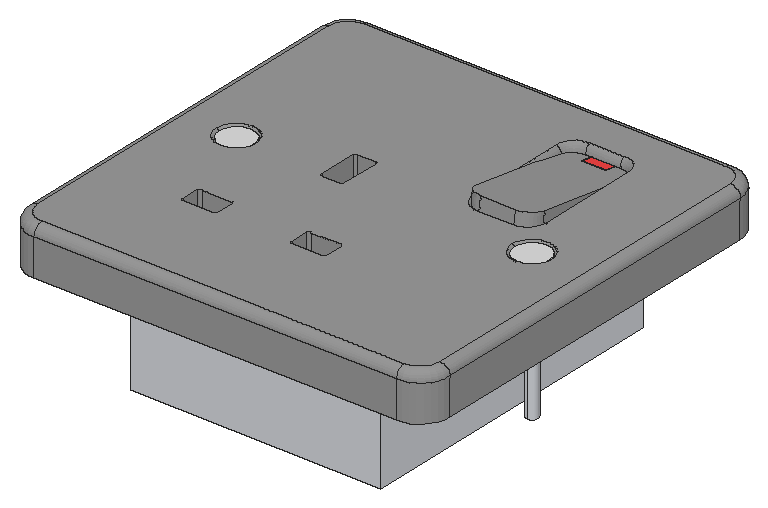
Revit family "ElectricalFixture_WiringAccessories_Hager_Sollysta_SwitchedSockets1Gang", category Electrical Fixtures, host Face, Revit 2015
Parameters (values of type "WMSS81 N")
  Warranty ID = ""
  Voltage (Volts) = "230V/240V"
  Unique Reference = "WMSS81N"
  Type = "ElectricalFixture"
  Technical Description = Description  # "1GangDoublePoleSwitchedSocketWithLEDIndicator"
  Switch = no
  Supply Phase = "1"
  Size = ""
  Shipping Weight kg = "0.188"
  Shape = "Rectangular"
  Reference Standard = "BS 1363-2"
  Product URL = "http://www.hager.co.uk/product-catalogue/wiring-accessories/sollysta/white-moulded/white-moulded-sockets/58428.htm"
  Product Range = "Sollysta"
  Product Model Number = "WMSS81N"
  Product Literature = "http://www.hager.co.uk/product-catalogue/wiring-accessories/sollysta/38662.htm"
  Product Group = "WiringAccessories"
  Product Family = "WhiteMouldedSockets_SwitchedSockets"
  Packaging Recyclable = yes
  Overall Width = 0.0 mm
  Overall Length = 86.0 mm
  Overall Height = 86.0 mm
  Overall Depth = 26.07 mm
  Operation and Maintenance Manual = ""
  Name = "WhiteMouldedSocket_WMSS81N"
  Measurement Units = "mm"
  Material = Urea Formaldehyde Thermoset Plastic
  Manufacturer Website = "http://www.hager.co.uk/"
  Manufacturer Country = "United Kingdom"
  Manufacturer = "Hager"
  LED Indicator Switch = yes
  Gross Weight kg = "0.165"
  Frequency = "50/60Hz"
  Finish = "Gloss"
  Features = Description  # "1GangDoublePoleSwitchedSocketWithLEDIndicator"
  Extrusion From Wall = 11.921 mm
  Expected Life = "25 years"
  EAN Code = "5015654745448"
  Design Country = "China"
  Description = "1GangDoublePoleSwitchedSocketWithLEDIndicator"
  Default Elevation = 1219.2 mm
  Colour = "SollystaWhite"
  CE Approval = yes
Types (2, lengths in mm): name | Unique Reference | Technical Description | Switch | Product Model Number | Name | LED Indicator Switch | Features | EAN Code | Description
  WMSS81 | "WMSS81" | "1GangDoublePoleSwitchedSocket" | yes | "WMSS81" | "WhiteMouldedSocket_WMSS81" | no | "1GangDoublePoleSwitchedSocket" | "5015652261100" | "1GangDoublePoleSwitchedSocket"
  WMSS81 N | "WMSS81N" | "1GangDoublePoleSwitchedSocketWithLEDIndicator" | no | "WMSS81N" | "WhiteMouldedSocket_WMSS81N" | yes | "1GangDoublePoleSwitchedSocketWithLEDIndicator" | "5015654745448" | "1GangDoublePoleSwitchedSocketWithLEDIndicator"
Reference planes
  plane 1 "Center (Front/Back)": y = 0
  plane 2: z = 0
  plane 3 "Center (Left/Right)": x = 0
  plane 4: y = -43
  plane 5: y = 43
  plane 6: x = -137
  plane 7: x = -51
  plane 8: z = 9.47
  plane 9: z = -16.6
  plane 10: z = 11.921
  plane 11: y = -471.393
  plane 12: z = -20.53
  plane 13: x = -124.15
  plane 14: x = -63.85
  plane 15: x = -94
Forms (mm)
  Extrusion 1, solid, material "Urea Formaldehyde Thermoset Plastic", detail levels fine
    sketch origin (0, 0, 0) x (1, 0, 0) y (0, 1, 0)
      loop
        arc (-137, -37.005) -> (-135.244, -41.244) -> (-131.005, -43) r 5.995
        line (-131.005, -43) -> (-57.017, -43)
        arc (-57.017, -43) -> (-52.762, -41.238) -> (-51, -36.983) r 6.017
        line (-51, -36.983) -> (-51, 37.035)
        arc (-51, 37.035) -> (-52.747, 41.253) -> (-56.965, 43) r 5.965
        line (-56.965, 43) -> (-131.018, 43)
        arc (-131.018, 43) -> (-135.248, 41.248) -> (-137, 37.018) r 5.982
        line (-137, 37.018) -> (-137, -37.005)
      loop
        line (-118.054, -17.616) -> (-118.054, -21.364)
        arc (-118.054, -21.364) -> (-117.908, -21.716) -> (-117.555, -21.862) r 0.499
        line (-117.555, -21.862) -> (-111.414, -21.862)
        arc (-111.414, -21.862) -> (-111.037, -21.706) -> (-110.882, -21.33) r 0.532
        line (-110.882, -21.33) -> (-110.882, -17.59)
        arc (-110.882, -17.59) -> (-111.032, -17.226) -> (-111.396, -17.075) r 0.515
        line (-111.396, -17.075) -> (-117.513, -17.075)
        arc (-117.513, -17.075) -> (-117.895, -17.233) -> (-118.054, -17.616) r 0.542
      loop
        line (-95.836, -17.616) -> (-95.836, -21.364)
        arc (-95.836, -21.364) -> (-95.69, -21.716) -> (-95.338, -21.862) r 0.499
        line (-95.338, -21.862) -> (-89.196, -21.862)
        arc (-89.196, -21.862) -> (-88.82, -21.706) -> (-88.664, -21.33) r 0.532
        line (-88.664, -21.33) -> (-88.664, -17.59)
        arc (-88.664, -17.59) -> (-88.814, -17.226) -> (-89.179, -17.075) r 0.515
        line (-89.179, -17.075) -> (-95.295, -17.075)
        arc (-95.295, -17.075) -> (-95.678, -17.233) -> (-95.836, -17.616) r 0.542
      loop
        line (-105.779, 6.629) -> (-105.779, -1.226)
        arc (-105.779, -1.226) -> (-105.632, -1.58) -> (-105.278, -1.727) r 0.501
        line (-105.278, -1.727) -> (-101.565, -1.727)
        arc (-101.565, -1.727) -> (-101.182, -1.568) -> (-101.023, -1.185) r 0.542
        line (-101.023, -1.185) -> (-101.023, 6.626)
        arc (-101.023, 6.626) -> (-101.17, 6.98) -> (-101.525, 7.127) r 0.502
        line (-101.525, 7.127) -> (-105.28, 7.127)
        arc (-105.28, 7.127) -> (-105.633, 6.981) -> (-105.779, 6.629) r 0.499
      loop
        circle (-124.15, 0) r 3.228
      loop
        circle (-63.85, 0) r 3.228
      loop
        line (-68.89, 8.616) -> (-68.89, 29.58)
        arc (-68.89, 29.58) -> (-69.712, 31.565) -> (-71.698, 32.388) r 2.808
        line (-71.698, 32.388) -> (-78.819, 32.388)
        arc (-78.819, 32.388) -> (-80.753, 31.587) -> (-81.554, 29.653) r 2.735
        line (-81.554, 29.653) -> (-81.554, 8.53)
        arc (-81.554, 8.53) -> (-80.765, 6.624) -> (-78.859, 5.835) r 2.694
        line (-78.859, 5.835) -> (-71.671, 5.835)
        arc (-71.671, 5.835) -> (-69.704, 6.65) -> (-68.89, 8.616) r 2.781
    from 0 to 9.47
  Sweep 2, void
    path origin (0, 0, 0) x (1, 0, 0) y (0, 1, 0)
      loop
        line (-137, 37.018) -> (-137, -37.005)
        arc (-137, -37.005) -> (-135.244, -41.244) -> (-131.005, -43) r 5.995
        line (-131.005, -43) -> (-57.017, -43)
        arc (-57.017, -43) -> (-52.762, -41.238) -> (-51, -36.983) r 6.017
        line (-51, -36.983) -> (-51, 37.035)
        arc (-51, 37.035) -> (-52.747, 41.253) -> (-56.965, 43) r 5.965
        line (-56.965, 43) -> (-131.018, 43)
        arc (-131.018, 43) -> (-135.248, 41.248) -> (-137, 37.018) r 5.982
    profile origin (-137, 0.007, 0) x (1, 0, 0) y (0, 0, 1)
      loop
        line (0, 9.47) -> (0, 7.462)
        arc (0, 7.462) -> (0.588, 8.882) -> (2.008, 9.47) r 2.008
        line (2.008, 9.47) -> (0, 9.47)
  Sweep 3, void
    path origin (0, 0, 0) x (1, 0, 0) y (0, 1, 0)
      loop
        circle (-63.85, 0) r 3.228
    profile origin (-63.85, 3.228, 0) x (0, -1, 0) y (0, 0, 1)
      loop
        line (0, 9.47) -> (-0.814, 9.47)
        arc (-0.814, 9.47) -> (-0.347, 9.123) -> (0, 8.656) r 2
        line (0, 8.656) -> (0, 9.47)
  Sweep 4, void
    path origin (0, 0, 0) x (1, 0, 0) y (0, 1, 0)
      loop
        circle (-124.15, 0) r 3.228
    profile origin (-124.15, 3.228, 0) x (0, 1, 0) y (0, 0, 1)
      loop
        line (0, 9.47) -> (0, 8.656)
        arc (0, 8.656) -> (0.346, 9.124) -> (0.814, 9.47) r 1.964
        line (0.814, 9.47) -> (0, 9.47)
  Extrusion 5, solid, material "Steel, Chrome Plated", detail levels fine
    sketch origin (0, 0, 0) x (1, 0, 0) y (0, 1, 0)
      loop
        circle (-124.15, 0) r 3.542
    from -1.167 to 9.196
  Extrusion 6, solid, material "Steel, Chrome Plated", detail levels fine
    sketch origin (0, 0, 0) x (-1, 0, 0) y (0, -1, 0)
      loop
        circle (63.85, 0) r 3.542
    from -1.167 to 9.196
  Extrusion 7, solid, material "Urea Formaldehyde Thermoset Plastic", detail levels medium
    sketch origin (0, 0, 0) x (1, 0, 0) y (0, 1, 0)
      loop
        line (-137, 43) -> (-137, -43) -> (-51, -43) -> (-51, 43) -> (-137, 43)
    from 0 to 9.47
  Extrusion 8, solid
    sketch origin (-184.307, 0, -1.167) x (0, 1, 0) y (-1, 0, 0)
      loop
        circle (0, -60.15) r 1.2
    from 0 to 19.363
  Extrusion 9, solid
    sketch origin (0, 0, -1.167) x (0, -1, 0) y (1, 0, 0)
      loop
        circle (0, -63.85) r 1.2
    from 0 to 19.363
  Sweep 10, void
    path origin (0, 0, 0) x (1, 0, 0) y (0, 1, 0)
      loop
        arc (-81.554, 8.53) -> (-80.765, 6.624) -> (-78.859, 5.835) r 2.694
        line (-78.859, 5.835) -> (-71.671, 5.835)
        arc (-71.671, 5.835) -> (-69.704, 6.65) -> (-68.89, 8.616) r 2.781
        line (-68.89, 8.616) -> (-68.89, 29.58)
        arc (-68.89, 29.58) -> (-69.712, 31.565) -> (-71.698, 32.388) r 2.808
        line (-71.698, 32.388) -> (-78.819, 32.388)
        arc (-78.819, 32.388) -> (-80.753, 31.587) -> (-81.554, 29.653) r 2.735
        line (-81.554, 29.653) -> (-81.554, 8.53)
    profile origin (-81.554, 19.091, 0) x (-1, 0, 0) y (0, 0, 1)
      loop
        line (0, 9.47) -> (0, 7.47)
        arc (0, 7.47) -> (0.268, 8.591) -> (1.014, 9.47) r 2.479
        line (1.014, 9.47) -> (0, 9.47)
  Extrusion 11, solid, material "Urea Formaldehyde Thermoset Plastic", detail levels medium
    sketch origin (0, 0, 0) x (1, 0, 0) y (0, 1, 0)
      loop
        line (-137, -43) -> (-51, -43) -> (-51, 43) -> (-137, 43) -> (-137, -43)
    from 0 to 9.47
  Extrusion 12, solid, material "Urea Formaldehyde Thermoset Plastic", visible <- "Switch", detail levels fine
    sketch origin (0, -1.124, 3.542) x (1, 0, 0) y (0, 0.987688, -0.156434)
      loop
        arc (-82.054, 8.53) -> (-81.118, 6.271) -> (-78.859, 5.335) r 3.194
        line (-78.859, 5.335) -> (-71.671, 5.335)
        arc (-71.671, 5.335) -> (-69.351, 6.296) -> (-68.39, 8.616) r 3.281
        line (-68.39, 8.616) -> (-68.39, 29.58)
        arc (-68.39, 29.58) -> (-69.359, 31.919) -> (-71.698, 32.888) r 3.308
        line (-71.698, 32.888) -> (-74.993, 32.888) -> (-78.819, 32.888)
        arc (-78.819, 32.888) -> (-81.106, 31.94) -> (-82.054, 29.653) r 3.235
        line (-82.054, 29.653) -> (-82.054, 8.53)
    from 0 to 9.42
  Extrusion 13, solid, material "LED Indicator", visible <- "LED Indicator Switch"
    sketch origin (-70, -0.371, 4.22) x (1, 0, 0) y (0, 0.987688, -0.156434)
      loop
        line (-2.778, 29.269) -> (-2.778, 32.25) -> (-7.654, 32.25) -> (-7.654, 29.269) -> (-2.778, 29.269)
    from 0 to 8.633
  Extrusion 14, solid, material "Urea Formaldehyde Thermoset Plastic", visible <- "LED Indicator Switch", detail levels fine
    sketch origin (0, -1.124, 3.542) x (1, 0, 0) y (0, 0.987688, -0.156434)
      loop
        arc (-82.054, 8.53) -> (-81.118, 6.271) -> (-78.859, 5.335) r 3.194
        line (-78.859, 5.335) -> (-71.671, 5.335)
        arc (-71.671, 5.335) -> (-69.351, 6.296) -> (-68.39, 8.616) r 3.281
        line (-68.39, 8.616) -> (-68.39, 29.58)
        arc (-68.39, 29.58) -> (-69.359, 31.919) -> (-71.698, 32.888) r 3.308
        line (-71.698, 32.888) -> (-72.778, 32.888) -> (-72.778, 29.907) -> (-75.259, 29.907) -> (-77.654, 29.907) -> (-77.654, 32.888) -> (-78.819, 32.888)
        arc (-78.819, 32.888) -> (-81.106, 31.94) -> (-82.054, 29.653) r 3.235
        line (-82.054, 29.653) -> (-82.054, 8.53)
    from 0 to 9.42
  Extrusion 15, solid, detail levels medium+fine
    sketch origin (0, 0, 0) x (1, 0, 0) y (0, 1, 0)
      loop
        line (-119.032, 33.402) -> (-119.032, -33.464) -> (-67.876, -33.464) -> (-67.876, 33.402) -> (-119.032, 33.402)
    from -20.53 to 0
Cuts and joins
  Sweep 2, Sweep 3, Sweep 4, Sweep 10 cuts Extrusion 1
Lines and regions (mm)
  symbolic lines, style "ElectricalFixtures", not visible, detail levels coarse
    curve 1: line (130.57, -504.912, 19.451) -> (60.57, -504.912, 19.451)
    curve 2: arc (130.57, -504.912, 19.451) -> (95.57, -504.912, 54.451) -> (60.57, -504.912, 19.451) r 35
    curve 3: circle (95.57, -504.912, 54.451) r 6 normal (0, 1, 0)
    curve 4: line (95.57, -504.912, 54.451) -> (95.57, -504.912, 99.451)
    curve 5: line (95.57, -504.912, 99.451) -> (125.57, -504.912, 99.451)
    curve 6: line (95.57, -504.912, 54.451) -> (67.93, -504.912, 87.391)
    curve 7: line (67.93, -504.912, 87.391) -> (53.835, -504.912, 75.564)
  symbolic lines, style "ElectricalFixtures", detail levels coarse
    curve 8: line (-128.492, -504.912, 0) -> (-58.492, -504.912, 0)
    curve 9: arc (-128.492, -504.912, 0) -> (-93.492, -504.912, 35) -> (-58.492, -504.912, 0) r 35
    curve 10: circle (-93.492, -504.912, 35) r 6 normal (0, -1, 0)
    curve 11: line (-93.492, -504.912, 35) -> (-93.492, -504.912, 80)
    curve 12: line (-93.492, -504.912, 80) -> (-123.492, -504.912, 80)
    curve 13: line (-93.492, -504.912, 35) -> (-65.852, -504.912, 67.94)
    curve 14: line (-65.852, -504.912, 67.94) -> (-51.756, -504.912, 56.113)
  model lines, detail levels coarse
    curve 15: line (-137, 43, 0) -> (-51, 43, 0)
    curve 16: line (-137, -43, 0) -> (-137, 43, 0)
    curve 17: line (-51, -43, 0) -> (-137, -43, 0)
    curve 18: line (-51, 43, 0) -> (-51, -43, 0)
    curve 19: arc (-120.108, 0, 0) -> (-124.15, -4.042, 0) -> (-128.192, 0, 0) r 4.042
    curve 20: arc (-128.192, 0, 0) -> (-124.15, 4.042, 0) -> (-120.108, 0, 0) r 4.042
    curve 21: line (-106.778, -1.226, 0) -> (-106.778, 6.629, 0)
    curve 22: arc (-106.778, 6.629, 0) -> (-106.34, 7.688, 0) -> (-105.28, 8.127, 0) r 1.498
    curve 23: line (-105.28, 8.127, 0) -> (-101.525, 8.127, 0)
    curve 24: arc (-101.525, 8.127, 0) -> (-100.463, 7.688, 0) -> (-100.023, 6.626, 0) r 1.502
    curve 25: line (-100.023, 6.626, 0) -> (-100.023, -1.185, 0)
    curve 26: arc (-100.023, -1.185, 0) -> (-100.475, -2.275, 0) -> (-101.565, -2.727, 0) r 1.542
    curve 27: line (-101.565, -2.727, 0) -> (-105.278, -2.727, 0)
    curve 28: arc (-105.278, -2.727, 0) -> (-106.339, -2.287, 0) -> (-106.778, -1.226, 0) r 1.501
    curve 29: line (-109.904, -17.59, 0) -> (-109.904, -21.33, 0)
    curve 30: arc (-109.904, -21.33, 0) -> (-110.346, -22.398, 0) -> (-111.414, -22.84, 0) r 1.51
    curve 31: line (-111.414, -22.84, 0) -> (-117.555, -22.84, 0)
    curve 32: arc (-117.555, -22.84, 0) -> (-118.599, -22.408, 0) -> (-119.032, -21.364, 0) r 1.476
    curve 33: line (-119.032, -21.364, 0) -> (-119.032, -17.616, 0)
    curve 34: arc (-119.032, -17.616, 0) -> (-118.587, -16.542, 0) -> (-117.513, -16.097, 0) r 1.519
    curve 35: line (-117.513, -16.097, 0) -> (-111.396, -16.097, 0)
    curve 36: arc (-111.396, -16.097, 0) -> (-110.341, -16.534, 0) -> (-109.904, -17.59, 0) r 1.493
    curve 37: line (-96.814, -21.364, 0) -> (-96.814, -17.616, 0)
    curve 38: arc (-96.814, -17.616, 0) -> (-96.369, -16.542, 0) -> (-95.295, -16.097, 0) r 1.519
    curve 39: line (-95.295, -16.097, 0) -> (-89.179, -16.097, 0)
    curve 40: arc (-89.179, -16.097, 0) -> (-88.123, -16.534, 0) -> (-87.686, -17.59, 0) r 1.493
    curve 41: line (-87.686, -17.59, 0) -> (-87.686, -21.33, 0)
    curve 42: arc (-87.686, -21.33, 0) -> (-88.128, -22.398, 0) -> (-89.196, -22.84, 0) r 1.51
    curve 43: line (-89.196, -22.84, 0) -> (-95.338, -22.84, 0)
    curve 44: arc (-95.338, -22.84, 0) -> (-96.381, -22.408, 0) -> (-96.814, -21.364, 0) r 1.476
    curve 45: arc (-59.808, 0, 0) -> (-63.85, -4.042, 0) -> (-67.892, 0, 0) r 4.042
    curve 46: arc (-67.892, 0, 0) -> (-63.85, 4.042, 0) -> (-59.808, 0, 0) r 4.042
    curve 47: line (-82.568, 8.53, 0) -> (-82.568, 29.653, 0)
    curve 48: arc (-82.568, 29.653, 0) -> (-81.47, 32.304, 0) -> (-78.819, 33.402, 0) r 3.749
    curve 49: line (-78.819, 33.402, 0) -> (-71.698, 33.402, 0)
    curve 50: arc (-71.698, 33.402, 0) -> (-68.995, 32.283, 0) -> (-67.876, 29.58, 0) r 3.823
    curve 51: line (-67.876, 29.58, 0) -> (-67.876, 8.616, 0)
    curve 52: arc (-67.876, 8.616, 0) -> (-68.987, 5.933, 0) -> (-71.671, 4.821, 0) r 3.795
    curve 53: line (-71.671, 4.821, 0) -> (-78.859, 4.821, 0)
    curve 54: arc (-78.859, 4.821, 0) -> (-81.482, 5.907, 0) -> (-82.568, 8.53, 0) r 3.709
Dimensions and locks
  plane 10 to plane 9 = 28.521 mm
  plane 8 to plane 9 = 26.07 mm
  plane 2 to plane 9 = 16.6 mm
  "Overall Length": plane 6 to plane 7
  "Overall Height": plane 4 to plane 5
  "Overall Depth": plane 9 to plane 8
  plane 2 to plane 10 = 11.921 mm
  plane 8 to plane 12 = 30.0 mm
  aligned and locked: plane 2 to host face
  aligned and locked: level to host face
  aligned and locked: Extrusion 1 to plane 8
  aligned and locked: Extrusion 7 to plane 8
  aligned and locked: Extrusion 6 to Extrusion 8
  aligned and locked: Extrusion 9 to Extrusion 5
  aligned and locked: plane 12 to Extrusion 9
  aligned and locked: Extrusion 11 to plane 8
  aligned and locked: Extrusion 11 to level
  aligned and locked: Extrusion 12 to Extrusion 13
  aligned and locked: Extrusion 8 to Extrusion 15
Automatic sketch dimensions
  curve 47 to plane 14 = 18.718 mm
  curve 54 to curve 54 = 3.709 mm
  curve 48 to curve 49 = 3.749 mm
  curve 48 to curve 49 = 7.121 mm
  curve 54 to curve 52 = 7.188 mm
  curve 52 to curve 51 = 3.795 mm
  curve 53 to plane 1 "Center (Front/Back)" = 4.821 mm
  plane 5 to curve 50 = 13.42 mm
  host sketch curve to host sketch curve = 2438.4 mm  (x2)
  Extrusion 1 sketch curve to plane 6 = 0.0 mm
  plane 5 to Extrusion 1 sketch curve = 0.0 mm
  plane 4 to Extrusion 1 sketch curve = 0.0 mm
  plane 1 "Center (Front/Back)" to Extrusion 1 sketch curve = 0.0 mm  (x2)
  Extrusion 1 sketch curve to plane 13 = 0.0 mm
  Extrusion 1 sketch curve to plane 14 = 0.0 mm
  plane 6 to Extrusion 1 sketch curve = 5.982 mm
  plane 6 to Extrusion 1 sketch curve = 5.995 mm
  plane 13 to Extrusion 1 sketch curve = 6.096 mm
  Extrusion 1 sketch curve to Extrusion 1 sketch curve = 0.499 mm  (x3)
  Extrusion 1 sketch curve to Extrusion 1 sketch curve = 0.542 mm  (x2)
  Extrusion 1 sketch curve to Extrusion 1 sketch curve = 6.142 mm  (x2)
  Extrusion 1 sketch curve to Extrusion 1 sketch curve = 0.017 mm  (x2)
  Extrusion 1 sketch curve to Extrusion 1 sketch curve = 0.532 mm  (x2)
  Extrusion 1 sketch curve to plane 1 "Center (Front/Back)" = 6.629 mm
  plane 13 to Extrusion 1 sketch curve = 18.371 mm
  Extrusion 1 sketch curve to Extrusion 1 sketch curve = 0.501 mm
  plane 1 "Center (Front/Back)" to Extrusion 1 sketch curve = 1.185 mm
  Extrusion 1 sketch curve to Extrusion 1 sketch curve = 3.713 mm
  Extrusion 1 sketch curve to Extrusion 1 sketch curve = 3.755 mm
  Extrusion 1 sketch curve to Extrusion 1 sketch curve = 0.502 mm
  Extrusion 1 sketch curve to Extrusion 1 sketch curve = 15.045 mm
  Extrusion 1 sketch curve to Extrusion 1 sketch curve = 0.515 mm
  Extrusion 1 sketch curve to plane 14 = 17.704 mm
  Extrusion 1 sketch curve to Extrusion 1 sketch curve = 2.694 mm
  Extrusion 1 sketch curve to Extrusion 1 sketch curve = 2.735 mm
  Extrusion 1 sketch curve to Extrusion 1 sketch curve = 7.121 mm
  Extrusion 1 sketch curve to Extrusion 1 sketch curve = 7.188 mm
  Extrusion 1 sketch curve to Extrusion 1 sketch curve = 2.781 mm
  Extrusion 1 sketch curve to plane 7 = 6.017 mm
  Extrusion 1 sketch curve to plane 7 = 5.965 mm
  plane 7 to Extrusion 1 sketch curve = 0.0 mm
  Extrusion 1 sketch curve to Extrusion 1 sketch curve = 20.135 mm
  Extrusion 1 sketch curve to Extrusion 1 sketch curve = 3.747 mm  (x2)
  Extrusion 1 sketch curve to plane 1 "Center (Front/Back)" = 5.835 mm
  plane 5 to Extrusion 1 sketch curve = 13.42 mm
  Sweep 2 sketch curve to plane 6 = 0.0 mm
  plane 5 to Sweep 2 sketch curve = 0.0 mm
  plane 4 to Sweep 2 sketch curve = 0.0 mm
  Sweep 2 sketch curve to Sweep 2 sketch curve = 5.982 mm
  plane 6 to Sweep 2 sketch curve = 5.995 mm
  Sweep 2 sketch curve to plane 7 = 6.017 mm
  Sweep 2 sketch curve to plane 7 = 5.965 mm
  plane 7 to Sweep 2 sketch curve = 0.0 mm
  profile plane to Sweep 2 sketch curve = 0.0 mm
  Sweep 2 sketch curve to Sweep 2 sketch curve = 2.008 mm
  level to Sweep 2 sketch curve = 7.462 mm
  plane 1 "Center (Front/Back)" to Sweep 3 sketch curve = 0.0 mm
  Sweep 3 sketch curve to plane 14 = 0.0 mm
  Sweep 3 sketch curve to profile plane = 0.0 mm
  Sweep 3 sketch curve to Sweep 3 sketch curve = 0.814 mm
  profile plane to Sweep 3 sketch curve = 1.761 mm
  level to Sweep 3 sketch curve = 7.709 mm
  Sweep 3 sketch curve to Sweep 3 sketch curve = 0.947 mm
  Sweep 4 sketch curve to Sweep 4 sketch curve = 0.0 mm  (x2)
  plane 1 "Center (Front/Back)" to Sweep 4 sketch curve = 0.0 mm
  Sweep 4 sketch curve to plane 13 = 0.0 mm
  Sweep 4 sketch curve to plane 13 = 3.228 mm
  Sweep 4 sketch curve to profile plane = 0.0 mm
  Sweep 4 sketch curve to profile plane = 0.814 mm
  Sweep 4 sketch curve to profile plane = 1.735 mm
  level to Sweep 4 sketch curve = 7.735 mm
  Sweep 4 sketch curve to Sweep 4 sketch curve = 0.921 mm
  Extrusion 5 sketch curve to Extrusion 5 sketch curve = 0.0 mm  (x2)
  plane 1 "Center (Front/Back)" to Extrusion 5 sketch curve = 0.0 mm
  Extrusion 5 sketch curve to plane 13 = 0.0 mm
  Extrusion 5 sketch curve to plane 13 = 3.542 mm
  Extrusion 6 sketch curve to Extrusion 6 sketch curve = 0.0 mm  (x2)
  plane 1 "Center (Front/Back)" to Extrusion 6 sketch curve = 0.0 mm
  plane 14 to Extrusion 6 sketch curve = 0.0 mm
  Extrusion 6 sketch curve to plane 14 = 3.542 mm
  plane 4 to Extrusion 7 sketch curve = 0.0 mm
  Extrusion 7 sketch curve to plane 6 = 0.0 mm
  Extrusion 7 sketch curve to plane 7 = 0.0 mm
  plane 5 to Extrusion 7 sketch curve = 0.0 mm
  Sweep 10 sketch curve to plane 14 = 17.704 mm
  Sweep 10 sketch curve to Sweep 10 sketch curve = 2.694 mm
  Sweep 10 sketch curve to Sweep 10 sketch curve = 2.735 mm
  Sweep 10 sketch curve to Sweep 10 sketch curve = 7.121 mm
  Sweep 10 sketch curve to Sweep 10 sketch curve = 7.188 mm
  Sweep 10 sketch curve to Sweep 10 sketch curve = 2.781 mm
  Sweep 10 sketch curve to plane 1 "Center (Front/Back)" = 5.835 mm
  plane 5 to Sweep 10 sketch curve = 13.42 mm
  Sweep 10 sketch curve to profile plane = 0.0 mm
  Sweep 10 sketch curve to profile plane = 1.014 mm
  Sweep 10 sketch curve to Sweep 10 sketch curve = 1.465 mm
  level to Sweep 10 sketch curve = 7.47 mm
  plane 5 to Extrusion 11 sketch curve = 0.0 mm
  Extrusion 11 sketch curve to plane 6 = 0.0 mm
  Extrusion 11 sketch curve to plane 7 = 0.0 mm
  plane 4 to Extrusion 11 sketch curve = 0.0 mm
  curve 19 to curve 20 = 0.0 mm  (x2)
  curve 45 to curve 46 = 0.0 mm  (x2)
  plane 4 to curve 17 = 0.0 mm
  curve 17 to plane 6 = 0.0 mm
  plane 1 "Center (Front/Back)" to curve 19 = 0.0 mm
  curve 20 to plane 13 = 0.0 mm
  plane 1 "Center (Front/Back)" to curve 46 = 0.0 mm
  curve 46 to plane 14 = 0.0 mm
  plane 5 to curve 18 = 0.0 mm
  curve 18 to plane 7 = 0.0 mm
  plane 13 to curve 33 = 5.118 mm
  curve 33 to curve 32 = 1.476 mm
  curve 34 to curve 35 = 1.519 mm
  curve 32 to curve 30 = 6.142 mm
  curve 30 to curve 36 = 0.017 mm
  curve 30 to curve 29 = 1.51 mm
  plane 1 "Center (Front/Back)" to curve 21 = 1.226 mm
  curve 36 to curve 21 = 4.618 mm
  curve 21 to curve 22 = 1.498 mm
  curve 21 to curve 27 = 1.501 mm
  plane 1 "Center (Front/Back)" to curve 26 = 1.185 mm
  curve 28 to curve 26 = 3.713 mm
  curve 23 to curve 25 = 1.502 mm
  curve 29 to curve 37 = 13.09 mm
  curve 44 to curve 44 = 1.476 mm
  curve 37 to curve 39 = 1.519 mm
  curve 44 to curve 42 = 6.142 mm
  curve 42 to curve 40 = 0.017 mm
  curve 40 to curve 41 = 1.493 mm
  curve 43 to plane 4 = 20.16 mm
  curve 31 to plane 4 = 20.16 mm
  curve 32 to curve 34 = 3.747 mm
  curve 44 to curve 37 = 3.747 mm
  curve 24 to plane 1 "Center (Front/Back)" = 6.626 mm
  curve 19 to plane 13 = 4.042 mm
  curve 46 to curve 45 = 4.042 mm
  Extrusion 12 sketch curve to plane 14 = 18.204 mm
  Extrusion 12 sketch curve to Extrusion 12 sketch curve = 3.194 mm
  Extrusion 12 sketch curve to Extrusion 12 sketch curve = 7.188 mm
  Extrusion 12 sketch curve to Extrusion 12 sketch curve = 3.308 mm
  Extrusion 12 sketch curve to Extrusion 12 sketch curve = 20.963 mm
  Extrusion 13 sketch curve to Extrusion 13 sketch curve = 2.981 mm
  Extrusion 14 sketch curve to plane 14 = 18.204 mm
  Extrusion 14 sketch curve to Extrusion 14 sketch curve = 3.194 mm
  Extrusion 14 sketch curve to Extrusion 14 sketch curve = 3.235 mm  (x2)
  Extrusion 14 sketch curve to Extrusion 14 sketch curve = 1.165 mm
  Extrusion 14 sketch curve to Extrusion 14 sketch curve = 2.395 mm
  Extrusion 14 sketch curve to Extrusion 14 sketch curve = 2.48 mm
  Extrusion 14 sketch curve to Extrusion 14 sketch curve = 1.08 mm
  Extrusion 14 sketch curve to Extrusion 14 sketch curve = 7.188 mm
  Extrusion 14 sketch curve to Extrusion 14 sketch curve = 3.308 mm
  Extrusion 14 sketch curve to Extrusion 14 sketch curve = 20.963 mm
  Extrusion 14 sketch curve to Extrusion 14 sketch curve = 0.327 mm
  Extrusion 12 sketch curve to Extrusion 12 sketch curve = 3.295 mm
  Extrusion 12 sketch curve to Extrusion 12 sketch curve = 3.235 mm
  Extrusion 12 sketch curve to Extrusion 12 sketch curve = 3.826 mm
  Extrusion 13 sketch curve to plane 14 = 13.804 mm
  Extrusion 13 sketch curve to Extrusion 13 sketch curve = 4.875 mm
  curve 9 to curve 14 = 7.36 mm
  curve 13 to curve 11 = 27.64 mm
  curve 10 to curve 11 = 0.0 mm
  curve 10 to curve 9 = 0.0 mm
  curve 11 to curve 13 = 12.06 mm
  curve 13 to curve 10 = 32.94 mm
  curve 10 to curve 9 = 35.0 mm
  curve 14 to curve 13 = 14.095 mm
  curve 13 to curve 11 = 0.0 mm
  curve 11 to curve 12 = 30.0 mm
  curve 2 to curve 7 = 7.36 mm
  curve 6 to curve 4 = 27.64 mm
  curve 3 to curve 4 = 0.0 mm
  curve 3 to curve 2 = 0.0 mm
  curve 6 to curve 4 = 12.06 mm
  curve 3 to curve 6 = 32.94 mm
  curve 2 to curve 3 = 35.0 mm
  curve 7 to curve 6 = 14.095 mm
  curve 6 to curve 4 = 0.0 mm
  curve 4 to curve 5 = 30.0 mm
  plane 13 to Extrusion 15 sketch curve = 5.118 mm
  Extrusion 15 sketch curve to plane 14 = 4.026 mm
  Extrusion 15 sketch curve to plane 4 = 9.536 mm
  plane 5 to Extrusion 15 sketch curve = 9.598 mm
  radius of Extrusion 1 sketch curve = 3.228 mm  (x2)
  radius of Sweep 3 sketch curve = 3.228 mm
  radius of Extrusion 8 sketch curve = 1.2 mm
  radius of Extrusion 9 sketch curve = 1.2 mm
  radius of curve 10 = 6.0 mm
  radius of curve 3 = 6.0 mm
Connectors
  electrical at (-94.001, 0.008, 0)
    settings: on cut or joined group of Extrusion 1, Sweep 2, Sweep 3, Sweep 4, Sweep 10, index 1, voltage 230 V, apparent load 0 VA, apparent load phase1 0 VA, apparent load phase2 0 VA, apparent load phase3 0 VA, power factor 1, load classification "Other", number of poles 1, system type 31, power factor state 1, is connector primary yes, connector utility no, sub classification motor no, connector description ""
